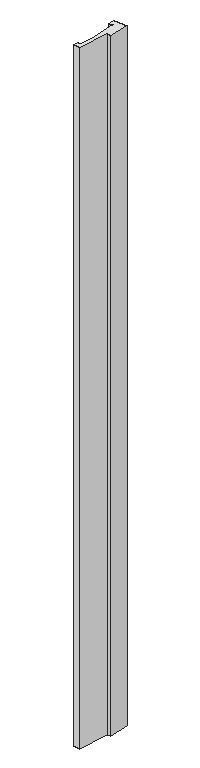
Revit family "heroal S 77 Sliding Door - Connection Profile", category Türen, Revit 2017
Family settings
  Basisbauteil = Wand
  OmniClass-Nummer = 23.30.10.00
  OmniClass-Titel = Doors
  Immer vertikal = Ja
  Beim Laden mit Abzugskörper schneiden = Nein
  Gemeinsam genutzt = Nein
  Raumberechnungspunkt = Ja
Parameters (values of type "46x2200")
  Wind Load Resistance DIN EN 12210 = "C3/B3"
  Wall Thickness [instance] = 350 mm
  URL = "http://www.heroal.com"
  Tightness Against Driving Rain DIN EN 12208 = "9A"
  Soundproofing Class DIN EN ISO 717-1 = "1-3"
  Show Insulation in Detail Level Fine [instance] = yes
  Rough Width = Breite  # 46 mm
  Rough Height = Height  # 2200 mm
  Reveal Top = 20 mm
  Profile View Width - Frame Profiles = "40 - 63mm"
  Profile View Width - Cross Bar Profiles = "74 - 104mm"
  Profile View Width - Casement Profiles = "94 - 104mm"
  Profile Installation Depth - Frame Profiles = "178/279mm"
  Profile Installation Depth - Cross Bar Profiles = "72mm"
  Profile Installation Depth - Casement Profiles = "77mm"
  Modell = "heroal S 77"  # constant formula
  Max. Thickness Of Glass/Infill Panel = "52mm"
  Max. Casement Weight = "150 - 400kg"
  Max. Casement Leaf Height = "3000mm"
  Hersteller = "heroal"  # constant formula
  Insert Depth [instance] = 125 mm
  Height = 2200 mm
  Wandabschluss = Nach Basisbauteil
  Breite = 46 mm  # constant formula
  Heat Insulation [Uw in W/m2K] DIN EN ISO 10077-1 = "> 1,1 W/m²K"
  Heat Insulation [Uf in W/m2K]/Standard Profile View DIN EN ISO 10077 = "> 2,9 W/m²K"
  Heat Insulation [Uf in W/m2K] DIN EN ISO 10077 = "> 2,9 W/m²K"
  Door Interior [instance] = heroal Aluminium
  Door Exterior [instance] = heroal Aluminium
  Beschreibung = "heroal S 77 Sliding Systems"  # constant formula
  Copyright = "© heroal. Technical changes reserved."  # constant formula
  Burglary Resistance DIN V ENV 1627 = "up to RC 2"
  Baugruppenkennzeichen = "B2030110"
  Analytische Konstruktion = "<None>"
  Air Permeability DIN EN 12207 = "4"
Reference planes
  plane 1 "Center (Front/Back)": y = 0
  plane 2 "Center (Left/Right)": x = 0
  plane 3 "Left": x = -23
  plane 4 "Right": x = 23
  plane 5 "Sill": z = 0
  plane 6 "Head": z = 2200
  plane 7 "Exterior": y = 175
  plane 8 "Interior": y = -175
  plane 9 "Frame Exterior": y = 50
  plane 10: z = 2180
  plane 11 "Center (Elevation)": z = 1100
  plane 12 "Top Frame": z = 2190
  plane 13: z = -200
  plane 14 "Glass Back 2": y = -65.5
  plane 15 "Glass Bottom": z = 130
  plane 16 "Glass Top": z = 2048
  plane 17: z = 1050
Forms (mm)
  Extrusion 1, void
    sketch origin (0, 0, 0) x (1, 0, 0) y (0, 1, 0)
      loop
        line (-23, -675) -> (23, -675) -> (23, 50) -> (-23, 50) -> (-23, -675)
    from -200 to 2200
  Extrusion 2, void
    sketch origin (0, 0, 0) x (1, 0, 0) y (0, 1, 0)
      loop
        line (-23, 675) -> (-23, 50) -> (23, 50) -> (23, 675) -> (-23, 675)
    from 0 to 2180
  Sweep 3, solid, material "heroal Aluminium" <- "Door Interior"
    path origin (0, 50, 0) x (-1, 0, 0) y (0, 0, 1)
      loop
        line (-23, 0) -> (-23, 2190)
    profile "heroal_Profile_Connection : heroal_Profile_Connection" origin (23, 50, 1095) x (1, 0, 0) y (0, 1, 0)
      loop
        line (-35.447, -159.6) -> (-46, -159.6) -> (-46, -178) -> (-22, -178) -> (-12.726, -72) -> (0, -72) -> (0, 0) -> (-46, 0) -> (-46, -22) -> (-31.3, -22) -> (-31.3, -112.194) -> (-35.447, -159.6)
Text (mm)
  text "EXTERIOR" at (-1963.203, 1332.353, 0), in view "Ref. Level"
  text "INTERIOR" at (-1981.466, -818.386, 0), in view "Ref. Level"
  text "Exterior" at (0, 923.751, 2943.296), in view "Right"
  text "Exterior" at (0, 1040.484, 2685.409), in view "Left"
Dimensions and locks
  equal spacing: plane 3 "Left", plane 2 "Center (Left/Right)", plane 4 "Right"
  "Breite": plane 3 "Left" to plane 4 "Right"
  "Height": plane 5 "Sill" to plane 6 "Head"
  locked: plane 7 "Exterior" to host wall at 0
  locked: plane 8 "Interior" to host wall
  "Insert Depth": plane 9 "Frame Exterior" to plane 7 "Exterior"
  "Reveal Top": plane 10 to plane 6 "Head"
  Extrusion 1 sketch curve to plane 8 "Interior" = 500 mm
  locked: plane 7 "Exterior" to Extrusion 2 sketch curve at 500
  equal spacing: plane 5 "Sill", plane 11 "Center (Elevation)", plane 6 "Head"
  plane 16 "Glass Top" to plane 15 "Glass Bottom" = 1918 mm
  locked: plane 17 to plane 5 "Sill" at 1050
  aligned and locked: Extrusion 1 sketch curve to plane 3 "Left"
  aligned and locked: plane 4 "Right" to Extrusion 1 sketch curve
  aligned and locked: Extrusion 1 sketch curve to plane 9 "Frame Exterior"
  aligned: plane 10 to Extrusion 1
  aligned and locked: plane 9 "Frame Exterior" to Extrusion 2 sketch curve
  aligned and locked: plane 10 to Extrusion 2
  aligned and locked: plane 5 "Sill" to Extrusion 2
  aligned and locked: Extrusion 1 to plane 6 "Head"
  aligned and locked: plane 4 "Right" to Sweep 3 sketch curve
  aligned and locked: plane 5 "Sill" to Sweep 3 sketch curve
  aligned and locked: plane 12 "Top Frame" to Sweep 3 sketch curve
  aligned and locked: Extrusion 2 sketch curve to plane 3 "Left"
  aligned and locked: Extrusion 2 sketch curve to plane 4 "Right"
  aligned and locked: nested 1 to plane 9 "Frame Exterior"
  aligned and locked: plane 3 "Left" to nested 1
Nested families
  nested 1: "heroal_Connection" at (23, 50, 0) x (-1, 0, 0) z (0, 0, -1), type "heroal_Connection"
Definition of nested family "heroal_Connection"
  Parameters (values of type "heroal_Connection")
    Show Insulation = yes
    Assembly Code = ""
  Reference planes
    plane 1 "Center (Front/Back)": y = 0
    plane 2: z = 0
    plane 3 "Center (Left/Right)": x = 0
    plane 4: y = -178
    plane 5: x = 46
  Lines and regions (mm)
    Filled region 1, type "heroal_Insulation", in view "Ref. Level", visible <- "Show Insulation", detail levels fine
      outline origin (224.267, -109.104, 0) x (1, 0, 0) y (0, 1, 0)
        loop
          line (-202.428, 87.104) -> (-210.067, 87.104) -> (-212.767, 84.25) -> (-212.767, 52.957) -> (-210.036, 50.104) -> (-202.558, 50.104) -> (-199.728, 52.957) -> (-199.728, 84.25) -> (-202.428, 87.104)
        loop
          line (-219.267, 88.104) -> (-223.666, 88.104) -> (-223.666, 51.104) -> (-221.267, 51.104) -> (-219.267, 50.755) -> (-219.267, 88.104)
    Masking region 1, in view "Ref. Level", detail levels coarse+medium
      outline origin (0, 220, 0) x (1, 0, 0) y (0, 1, 0)
        loop
          line (35.447, -379.6) -> (31.3, -332.194) -> (31.3, -242) -> (46, -242) -> (46, -220) -> (0, -220) -> (0, -292) -> (12.726, -292) -> (22, -398) -> (46, -398) -> (46, -379.6) -> (35.447, -379.6)
